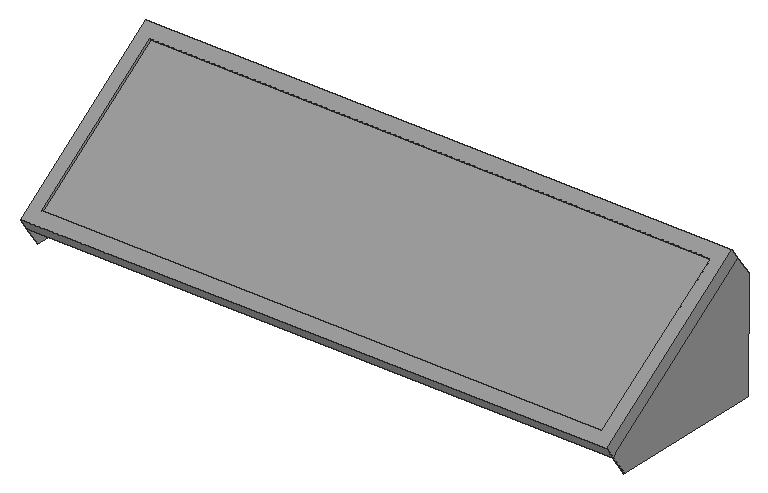
Revit family "Cove Mounted Heaters", category Mechanical Equipment, Revit 2017
Family settings
  Round Connector Dimension = Use Diameter
  Part Type = Normal
  Work Plane-Based = Yes
  Always vertical = No
  Cut with Voids When Loaded = No
  Shared = No
  Room Calculation Point = No
Parameters (values of type "1445C - 208V")
  Width = 0' - 1 1/8"
  Watts = 1500 W
  Voltage = 208 V
  URL = "http://electricheat.com/"
  Type Image_x = ""
  Total Heating Capacity = 5150 Btu/s
  Surface Mount = yes
  Semi Recess Mount = no
  Recess Mount = no
  Product Page URL = "http://electricheat.com/products/coves"  # constant formula
  Product Name = "COVE HEATER"  # constant formula
  Product Documentation Link = "http://192.185.145.162/~electricheat/wp-content/uploads/2013/12/Cove-Cut-Sheet.pdf"  # constant formula
  Power Factor = 0
  Phase = 1
  Panel = Default
  Number of Poles = 1
  Mounting Depth = 0' - 10"
  Modeled By = "Smith LaRock Architecture | www.slarc.com"  # constant formula
  Manufacturer = "CeramicCircuit Infrared Radiant Heaters"  # constant formula
  Length = 3' - 10"
  Height = 1' - 3"
  Frequency = 0 Hz
  Frame = Default
  Default Elevation = 4' - 0"
  Contact = "1-800-774-4450 or sales@electricheat.com"  # constant formula
  Bezel = 0' - 1"
  Apparent Load = 0 VA
  Amps = 7.2 A
  A = 0' - 10"
Types (9): name | Watts | Voltage | Total Heating Capacity | Mounting Depth | Height | Amps | A
  (no name) | 1500 W | 208 V | 5150 Btu/s | 0' - 10" | 1' - 3" | 7.2 A | 0' - 10"
  945C - 120V | 1000 W | 120 V | 3414 Btu/s | 0' - 7 1/2" | 0' - 10" | 8.3 A | 0' - 7"
  1445C - 120V | 1500 W | 120 V | 5150 Btu/s | 0' - 10" | 1' - 3" | 12.5 A | 0' - 10"
  945C - 208V | 1000 W | 208 V | 3414 Btu/s | 0' - 7 1/2" | 0' - 10" | 4.8 A | 0' - 7"
  945C - 240V | 1000 W | 240 V | 3414 Btu/s | 0' - 7 1/2" | 0' - 10" | 4.2 A | 0' - 7"
  945C - 277V | 1000 W | 277 V | 3414 Btu/s | 0' - 7 1/2" | 0' - 10" | 3.6 A | 0' - 7"
  1445C - 208V | 1500 W | 208 V | 5150 Btu/s | 0' - 10" | 1' - 3" | 7.2 A | 0' - 10"
  1445C - 240V | 1500 W | 240 V | 5150 Btu/s | 0' - 10" | 1' - 3" | 6.2 A | 0' - 10"
  1445C - 277V | 1500 W | 240 V | 5150 Btu/s | 0' - 10" | 1' - 3" | 5.4 A | 0' - 10"
Reference planes (in)
  plane 1 "Center (Front/Back)": y = 0
  plane 2: z = 0
  plane 3 "Center (Left/Right)": x = 0
  plane 4: x = -23
  plane 5: x = 23
  plane 6: x = 22
  plane 7: x = -22
  plane 8: through (0, 0, 0) normal (0, -0.5736, 0.8192)
  plane 9: through (0, 0, 0) normal (0, 0.8192, 0.5736)
  plane 10: through (0, -28.55011, -7.78325) normal (0, -0.5736, 0.8192)
  plane 11: through (0, -27.90483, -8.7048) normal (0, -0.5736, 0.8192)
  plane 12: through (0, -6.63797, -7.95446) normal (0, -0.8192, -0.5736)
  plane 13: through (0, -5.61488, 16.73612) normal (0, 0.8192, 0.5736)
  plane 14: through (0, 6.28839, -2.00696) normal (0, -0.8192, -0.5736)
  plane 15: through (0, -5.81882, -7.38088) normal (0, -0.8192, -0.5736)
Forms (in)
  Extrusion 1, solid, material "Default" <- "Frame"
    sketch origin (-1, -5.09049, 7.26997) x (0, -0.819152, -0.573576) y (-1, 0, 0)
      loop
        line (10, -24) -> (10, 22) -> (-5, 22) -> (-5, -24) -> (10, -24)
      loop
        line (9, -23) -> (9, 21) -> (-4, 21) -> (-4, -23) -> (9, -23)
    from 0 to -1.125
  Extrusion 2, solid, material "Default" <- "Panel"
    sketch origin (-1, -5.09049, 7.26997) x (0, -0.819152, -0.573576) y (-1, 0, 0)
      loop
        line (9, -23) -> (9, 21) -> (-4, 21) -> (-4, -23) -> (9, -23)
    from 0 to -1
  Extrusion 3, solid, material "Default" <- "Frame"
    sketch origin (22.75984, 0, 157.48031) x (0, 0, -1) y (0, -1, 0)
      loop
        line (157.48031, 0) -> (157.48031, 12.20775) -> (155.9461, 13.28201) -> (147.34246, 0.99473) -> (148.76308, 0) -> (157.48031, 0)
    from -0.24016 to -0.20891
  Extrusion 4, solid, material "Default" <- "Frame"
    sketch origin (-22.75984, 0, 157.48031) x (0, 0, -1) y (0, -1, 0)
      loop
        line (157.48031, 12.20775) -> (155.9461, 13.28201) -> (147.34246, 0.99473) -> (148.76308, 0) -> (157.48031, 0) -> (157.48031, 12.20775)
    from 0.24016 to 0.20891
Dimensions and locks (in)
  "Bezel": plane 7 to plane 4
  "Bezel": plane 5 to plane 6
  "Length": plane 5 to plane 4
  equal spacing: plane 5, plane 3 "Center (Left/Right)", plane 4
  "Mounting Depth": plane 8 to plane 10
  "Width": plane 11 to plane 10
  "A": plane 12 to plane 9
  "Height": plane 13 to plane 12
  "Bezel": plane 14 to plane 13
  "Bezel": plane 15 to plane 12
  locked: plane 14 to nested 1 at 0.5
  locked: Extrusion 4 to Extrusion 4 at 0.03125
  aligned and locked: plane 10 to Extrusion 1
  aligned and locked: plane 12 to Extrusion 1
  aligned and locked: plane 15 to Extrusion 2
  aligned and locked: Extrusion 1 to plane 15
  aligned and locked: Extrusion 2 to plane 14
  aligned and locked: plane 14 to Extrusion 1
  aligned and locked: plane 13 to Extrusion 1
  aligned and locked: Extrusion 3 sketch curve to plane 11
  aligned and locked: plane 12 to Extrusion 3 sketch curve
  aligned and locked: Extrusion 4 sketch curve to plane 12
  aligned and locked: plane 11 to Extrusion 4 sketch curve
  aligned and locked: plane 13 to Extrusion 4 sketch curve
  aligned and locked: plane 13 to Extrusion 3 sketch curve
Automatic sketch dimensions
  Extrusion 1 sketch curve to plane 4 = 0' - 0"
  Extrusion 1 sketch curve to plane 13 = 0' - 0"
  Extrusion 1 sketch curve to plane 6 = 0' - 0"
  plane 14 to Extrusion 1 sketch curve = 0' - 0"
  Extrusion 1 sketch curve to plane 7 = 0' - 0"
  plane 15 to Extrusion 1 sketch curve = 0' - 0"
  Extrusion 1 sketch curve to plane 5 = 0' - 0"
  plane 12 to Extrusion 1 sketch curve = 0' - 0"
  Extrusion 2 sketch curve to plane 6 = 0' - 0"
  plane 14 to Extrusion 2 sketch curve = 0' - 0"
  Extrusion 2 sketch curve to plane 7 = 0' - 0"
  plane 15 to Extrusion 2 sketch curve = 0' - 0"
  Extrusion 3 sketch curve to plane 1 "Center (Front/Back)" = 0' - 0"
  Extrusion 3 sketch curve to level = 0' - 0"
  Extrusion 4 sketch curve to plane 1 "Center (Front/Back)" = 0' - 0"
  Extrusion 4 sketch curve to level = 0' - 0"
Nested families (in)
  nested 1: "Rev D Wire Cover" at (-16.625, -3.00421, 8.7308) x (-1, 0, 0) z (0, 0.5736, -0.8192), type "Rev D Wire Cover"
Connectors (in)
  electrical at (-13.25, -2.57403, 8.11644), driven by "Number of Poles", driven by "Voltage", driven by "Apparent Load", driven by "Power Factor"
    settings: on nested 1, index 3, voltage 208 V, apparent load 0 VA, apparent load phase1 0 VA, apparent load phase2 0 VA, apparent load phase3 0 VA, power factor 0, load classification "Other", number of poles 1, system type 31, power factor state 1, is connector primary yes, connector utility no, sub classification motor no, connector description ""
Definition of nested family "Rev D Wire Cover"
  Parameters
    Default Elevation = 4' - 0"
  Reference planes (in)
    plane 1 "Center (Front/Back)": y = 0
    plane 2: z = 0
    plane 3 "Center (Left/Right)": x = 0
  Forms (in)
    Extrusion 1, solid
      sketch origin (0, 0, 0) x (1, 0, 0) y (0, 1, 0)
        loop
          line (-3.375, 0.95312) -> (-3.375, -0.95312) -> (3.375, -0.95312) -> (3.375, 0.95312) -> (-3.375, 0.95312)
      from 0 to 1.5
    Extrusion 2, solid
      sketch origin (0, 0, 0) x (1, 0, 0) y (0, 1, 0)
        loop
          line (-3.375, 0.95312) -> (-3.83594, 0.95313) -> (-3.83594, 0.72266) -> (-3.60547, 0.72266)
          arc (-3.60547, 0.72266) -> (-3.49023, 0.60742) -> (-3.60547, 0.49219) r 0.11523
          line (-3.60547, 0.49219) -> (-3.83594, 0.49219) -> (-3.83594, -0.95312) -> (-3.375, -0.95312) -> (-3.375, 0.95312)
      from 0 to 0.03906
    Extrusion 3, solid
      sketch origin (0, 0, 0) x (-1, 0, 0) y (0, -1, 0)
        loop
          line (-3.375, 0.95312) -> (-3.83594, 0.95313) -> (-3.83594, 0.72266) -> (-3.60547, 0.72266)
          arc (-3.60547, 0.72266) -> (-3.49023, 0.60742) -> (-3.60547, 0.49219) r 0.11523
          line (-3.60547, 0.49219) -> (-3.83594, 0.49219) -> (-3.83594, -0.95312) -> (-3.375, -0.95312) -> (-3.375, 0.95312)
      from 0 to 0.03906
  Lines and regions (in)
    model lines
      curve 1: circle (1.875, 0, 1.5) r 0.4375 normal (0, 0, 1)
      curve 2: circle (3.375, 0, 0.75) r 0.4375 normal (1, 0, 0)
      curve 3: circle (-3.375, 0, 0.75) r 0.4375 normal (-1, 0, 0)
